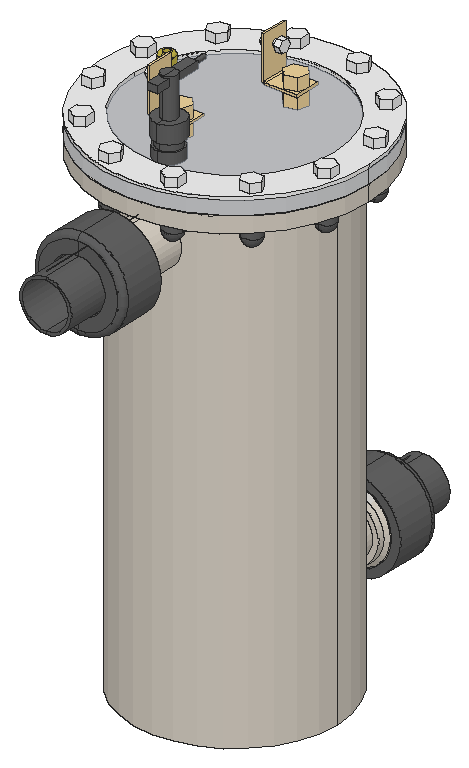
Revit family "Saltwater Chlorinator - Cell", category Mechanical Equipment, Revit 2019
Family settings
  Round Connector Dimension = Use Radius
  Part Type = Normal
  OmniClass Number = 23.65.50.11.11.27
  OmniClass Title = Chlorinators
  Work Plane-Based = No
  Always vertical = Yes
  Cut with Voids When Loaded = No
  Shared = No
  Room Calculation Point = No
Parameters (values of type "JSWC40")
  URL = "https://www.jandy.com/en/commercial/water-sanitizers/commercial-salt-system"
  Small Electrode Connector = yes
  Model = Fluidra_Model  # "JSWC40"
  Manufacturer = Fluidra_Manufacturer  # "Fluidra"
  Large Electrode Connector = no
  Fluidra_Weight = 230.00 lbf
  Fluidra_Union_Size = "2\" - 2.5\""
  Fluidra_Salt_Level = "3000-5000 ppm"
  Fluidra_Model = "JSWC40"
  Fluidra_Min_Flow_Rate = 65 GPM
  Fluidra_Max_Working_Pressure = 50.00 psi
  Fluidra_Max_Flow_Rate = 150 GPM
  Fluidra_Manufacturer = "Fluidra"  # constant formula
  Fluidra_Flow [instance] = 0 GPM
  Fluidra_Description = "Jandy Commercial Saltwater Chlorinator"  # constant formula
  Fluidra_DC_Output_(V/A) = "20V / 15A"
  Fluidra_Chlorine_Output = "3.5 lbs/day"
  Fluidra_#_Titanium_Plates = "6"
  Description = Fluidra_Description  # "Jandy Commercial Saltwater Chlorinator"
  Connector Radius [instance] = 1"
  Assembly Code = "D2090400"
Types (5): name | Small Electrode Connector | Model | Large Electrode Connector | Fluidra_Weight | Fluidra_Model | Fluidra_Min_Flow_Rate | Fluidra_DC_Output_(V/A) | Fluidra_Chlorine_Output | Fluidra_#_Titanium_Plates
  (no name) | yes | "JSWC40" | no | 230.00 lbf | "JSWC40" | 65 GPM | "20V / 15A" | "3.5 lbs/day" | "6"
  JSWC40 | yes | "JSWC40" | no | 230.00 lbf | "JSWC40" | 65 GPM | "20V / 15A" | "3.5 lbs/day" | "6"
  JSWC80 | no | "JSWC80" | yes | 280.00 lbf | "JSWC80" | 88 GPM | "20V / 30A" | "7.0 lbs/day" | "11"
  JSWC53 | yes | "JSWC53" | no | 230.00 lbf | "JSWC53" | 65 GPM | "24V / 16.7A" | "4.7 lbs/day" | "7"
  JSWC100 | no | "JSWC100" | yes | 280.00 lbf | "JSWC100" | 88 GPM | "24V / 31.3A" | "8.7 lbs/day" | "13"
Reference planes (in)
  plane 1 "Center (Front/Back)": y = 0
  plane 2: z = 0
  plane 3 "Center (Left/Right)": x = 0
  plane 4 "Left Body": x = -4.5
  plane 5 "Right Body": x = 4.5
  plane 6 "Top": z = 25.5
  plane 7 "Outlet": z = 19.375
  plane 8 "Inlet": z = 3.375
  plane 9 "Front Body": y = -4.5
  plane 10 "Rear Body": y = 4.5
  plane 11 "Front Union": y = -7.3125
  plane 12 "Rear Union": y = 7.3125
  plane 13 "Top of lid": z = 22.4029
  plane 14 "Bottom of lid": z = 20.95429
  plane 15: y = 1.40339
  plane 16: through (-3.92704, -0.64678, 20.98083) normal (0.5, -0.866, 0)
  plane 17: through (-3.07753, -2.52364, 20.98083) normal (0.866, -0.5, 0)
  plane 18: x = -1.40339
  plane 19: through (0.64678, -3.92704, 20.98083) normal (0.866, 0.5, 0)
  plane 20: through (2.52364, -3.07753, 20.98083) normal (0.5, 0.866, 0)
  plane 21: y = -1.40339
  plane 22: through (3.92704, 0.64678, 20.98083) normal (-0.5, 0.866, 0)
  plane 23: through (3.07753, 2.52364, 20.98083) normal (-0.866, 0.5, 0)
  plane 24: x = 1.40339
  plane 25: through (-0.64678, 3.92704, 20.98083) normal (-0.866, -0.5, 0)
  plane 26: through (-2.52364, 3.07753, 20.98083) normal (-0.5, -0.866, 0)
Forms (in)
  Extrusion 1, solid, material "Fluidra Beige", detail levels medium+fine
    sketch origin (0, 0, 0) x (1, 0, 0) y (0, 1, 0)
      loop
        circle (0, 0) r 4.5
    from 0 to 20.95429
  Extrusion 2, solid, material "Fluidra Beige", detail levels medium+fine
    sketch origin (0, 0, 20.95429) x (1, 0, 0) y (0, 1, 0)
      loop
        circle (0, 0) r 5.875
    from 0 to 0.68292
  Extrusion 3, solid, material "Fluidra Lid", detail levels medium+fine
    sketch origin (0, 2.50063, 21.63721) x (1, 0, 0) y (0, 1, 0)
      loop
        circle (0, -2.5) r 5.875
    from 0 to 0.61992
  Extrusion 4, solid, material "Fluidra Steel", detail levels fine
    sketch origin (0, 5.87563, 22.4029) x (0, 1, 0) y (-1, 0, 0)
      loop
        line (-1.0021, 0.9926) -> (-0.56909, 0.9926) -> (-0.35258, 1.3676) -> (-0.56909, 1.7426) -> (-1.0021, 1.7426) -> (-1.21861, 1.3676) -> (-1.0021, 0.9926)
    from 0 to 0.38882
  Extrusion 5, solid, material "Fluidra Steel", detail levels fine
    sketch origin (-2.93782, 5.08845, 22.4029) x (-0.5, 0.866025, 0) y (-0.866025, -0.5, 0)
      loop
        line (-1.0021, 0.9926) -> (-0.56909, 0.9926) -> (-0.35258, 1.3676) -> (-0.56909, 1.7426) -> (-1.0021, 1.7426) -> (-1.21861, 1.3676) -> (-1.0021, 0.9926)
    from 0 to 0.38882
  Extrusion 6, solid, material "Fluidra Steel", detail levels fine
    sketch origin (-5.08845, 2.93782, 22.4029) x (-0.866025, 0.5, 0) y (-0.5, -0.866025, 0)
      loop
        line (-1.0021, 0.9926) -> (-0.56909, 0.9926) -> (-0.35258, 1.3676) -> (-0.56909, 1.7426) -> (-1.0021, 1.7426) -> (-1.21861, 1.3676) -> (-1.0021, 0.9926)
    from 0 to 0.38882
  Extrusion 7, solid, material "Fluidra Steel", detail levels fine
    sketch origin (-5.87563, 0, 22.4029) x (-1, 0, 0) y (0, -1, 0)
      loop
        line (-1.0021, 0.9926) -> (-0.56909, 0.9926) -> (-0.35258, 1.3676) -> (-0.56909, 1.7426) -> (-1.0021, 1.7426) -> (-1.21861, 1.3676) -> (-1.0021, 0.9926)
    from 0 to 0.38882
  Extrusion 8, solid, material "Fluidra Steel", detail levels fine
    sketch origin (-5.08845, -2.93782, 22.4029) x (-0.866025, -0.5, 0) y (0.5, -0.866025, 0)
      loop
        line (-1.0021, 0.9926) -> (-0.56909, 0.9926) -> (-0.35258, 1.3676) -> (-0.56909, 1.7426) -> (-1.0021, 1.7426) -> (-1.21861, 1.3676) -> (-1.0021, 0.9926)
    from 0 to 0.38882
  Extrusion 9, solid, material "Fluidra Steel", detail levels fine
    sketch origin (-2.93782, -5.08845, 22.4029) x (-0.5, -0.866025, 0) y (0.866025, -0.5, 0)
      loop
        line (-1.0021, 0.9926) -> (-0.56909, 0.9926) -> (-0.35258, 1.3676) -> (-0.56909, 1.7426) -> (-1.0021, 1.7426) -> (-1.21861, 1.3676) -> (-1.0021, 0.9926)
    from 0 to 0.38882
  Extrusion 10, solid, material "Fluidra Steel", detail levels fine
    sketch origin (0, -5.87563, 22.4029) x (0, -1, 0) y (1, 0, 0)
      loop
        line (-1.0021, 0.9926) -> (-0.56909, 0.9926) -> (-0.35258, 1.3676) -> (-0.56909, 1.7426) -> (-1.0021, 1.7426) -> (-1.21861, 1.3676) -> (-1.0021, 0.9926)
    from 0 to 0.38882
  Extrusion 11, solid, material "Fluidra Steel", detail levels fine
    sketch origin (2.93782, -5.08845, 22.4029) x (0.5, -0.866025, 0) y (0.866025, 0.5, 0)
      loop
        line (-1.0021, 0.9926) -> (-0.56909, 0.9926) -> (-0.35258, 1.3676) -> (-0.56909, 1.7426) -> (-1.0021, 1.7426) -> (-1.21861, 1.3676) -> (-1.0021, 0.9926)
    from 0 to 0.38882
  Extrusion 12, solid, material "Fluidra Steel", detail levels fine
    sketch origin (5.08845, -2.93782, 22.4029) x (0.866025, -0.5, 0) y (0.5, 0.866025, 0)
      loop
        line (-1.0021, 0.9926) -> (-0.56909, 0.9926) -> (-0.35258, 1.3676) -> (-0.56909, 1.7426) -> (-1.0021, 1.7426) -> (-1.21861, 1.3676) -> (-1.0021, 0.9926)
    from 0 to 0.38882
  Extrusion 13, solid, material "Fluidra Steel", detail levels fine
    sketch origin (5.87563, 0, 22.4029) x (1, 0, 0) y (0, 1, 0)
      loop
        line (-1.0021, 0.9926) -> (-0.56909, 0.9926) -> (-0.35258, 1.3676) -> (-0.56909, 1.7426) -> (-1.0021, 1.7426) -> (-1.21861, 1.3676) -> (-1.0021, 0.9926)
    from 0 to 0.38882
  Extrusion 14, solid, material "Fluidra Steel", detail levels fine
    sketch origin (5.08845, 2.93782, 22.4029) x (0.866025, 0.5, 0) y (-0.5, 0.866025, 0)
      loop
        line (-1.0021, 0.9926) -> (-0.56909, 0.9926) -> (-0.35258, 1.3676) -> (-0.56909, 1.7426) -> (-1.0021, 1.7426) -> (-1.21861, 1.3676) -> (-1.0021, 0.9926)
    from 0 to 0.38882
  Extrusion 15, solid, material "Fluidra Steel", detail levels fine
    sketch origin (2.93782, 5.08845, 22.4029) x (0.5, 0.866025, 0) y (-0.866025, 0.5, 0)
      loop
        line (-1.0021, 0.9926) -> (-0.56909, 0.9926) -> (-0.35258, 1.3676) -> (-0.56909, 1.7426) -> (-1.0021, 1.7426) -> (-1.21861, 1.3676) -> (-1.0021, 0.9926)
    from 0 to 0.38882
  Revolve 16, solid, material "Fluidra Black", detail levels fine
    sketch origin (-5.08368, -180.04688, 22.79172) x (0, 0, 1) y (0, -1, 0)
      loop
        line (-1.81088, -181.40339) -> (-2.65239, -181.40339)
        arc (-2.65239, -181.40339) -> (-2.51886, -181.69705) -> (-2.21944, -181.81711) r 0.43339
        line (-2.21944, -181.81711) -> (-1.81088, -181.81711) -> (-1.81088, -181.40339)
      axis (-1.81088, -181.40339) -> (-2.65239, -181.40339)
    angle from 0 to 360
  Revolve 17, solid, material "Fluidra Black", detail levels fine
    sketch origin (85.62085, -158.46701, 22.79172) x (0, 0, 1) y (0.5, -0.866025, 0)
      loop
        line (-1.81088, -181.40339) -> (-2.65239, -181.40339)
        arc (-2.65239, -181.40339) -> (-2.51886, -181.69705) -> (-2.21944, -181.81711) r 0.43339
        line (-2.21944, -181.81711) -> (-1.81088, -181.81711) -> (-1.81088, -181.40339)
      axis (-1.81088, -181.40339) -> (-2.65239, -181.40339)
    angle from 0 to 360
  Revolve 18, solid, material "Fluidra Black", detail levels fine
    sketch origin (153.38333, -94.42603, 22.79172) x (0, 0, 1) y (0.866025, -0.5, 0)
      loop
        line (-1.81088, -181.40339) -> (-2.65239, -181.40339)
        arc (-2.65239, -181.40339) -> (-2.51886, -181.69705) -> (-2.21944, -181.81711) r 0.43339
        line (-2.21944, -181.81711) -> (-1.81088, -181.81711) -> (-1.81088, -181.40339)
      axis (-1.81088, -181.40339) -> (-2.65239, -181.40339)
    angle from 0 to 360
  Revolve 19, solid, material "Fluidra Black", detail levels fine
    sketch origin (180.04687, -5.08368, 22.79172) x (0, 0, 1) y (1, 0, 0)
      loop
        line (-1.81088, -181.40339) -> (-2.65239, -181.40339)
        arc (-2.65239, -181.40339) -> (-2.51886, -181.69705) -> (-2.21944, -181.81711) r 0.43339
        line (-2.21944, -181.81711) -> (-1.81088, -181.81711) -> (-1.81088, -181.40339)
      axis (-1.81088, -181.40339) -> (-2.65239, -181.40339)
    angle from 0 to 360
  Revolve 20, solid, material "Fluidra Black", detail levels fine
    sketch origin (158.46701, 85.62085, 22.79172) x (0, 0, 1) y (0.866025, 0.5, 0)
      loop
        line (-1.81088, -181.40339) -> (-2.65239, -181.40339)
        arc (-2.65239, -181.40339) -> (-2.51886, -181.69705) -> (-2.21944, -181.81711) r 0.43339
        line (-2.21944, -181.81711) -> (-1.81088, -181.81711) -> (-1.81088, -181.40339)
      axis (-1.81088, -181.40339) -> (-2.65239, -181.40339)
    angle from 0 to 360
  Revolve 21, solid, material "Fluidra Black", detail levels fine
    sketch origin (94.42603, 153.38333, 22.79172) x (0, 0, 1) y (0.5, 0.866025, 0)
      loop
        line (-1.81088, -181.40339) -> (-2.65239, -181.40339)
        arc (-2.65239, -181.40339) -> (-2.51886, -181.69705) -> (-2.21944, -181.81711) r 0.43339
        line (-2.21944, -181.81711) -> (-1.81088, -181.81711) -> (-1.81088, -181.40339)
      axis (-1.81088, -181.40339) -> (-2.65239, -181.40339)
    angle from 0 to 360
  Revolve 22, solid, material "Fluidra Black", detail levels fine
    sketch origin (5.08368, 180.04687, 22.79172) x (0, 0, 1) y (0, 1, 0)
      loop
        line (-1.81088, -181.40339) -> (-2.65239, -181.40339)
        arc (-2.65239, -181.40339) -> (-2.51886, -181.69705) -> (-2.21944, -181.81711) r 0.43339
        line (-2.21944, -181.81711) -> (-1.81088, -181.81711) -> (-1.81088, -181.40339)
      axis (-1.81088, -181.40339) -> (-2.65239, -181.40339)
    angle from 0 to 360
  Revolve 23, solid, material "Fluidra Black", detail levels fine
    sketch origin (-85.62085, 158.46701, 22.79172) x (0, 0, 1) y (-0.5, 0.866025, 0)
      loop
        line (-1.81088, -181.40339) -> (-2.65239, -181.40339)
        arc (-2.65239, -181.40339) -> (-2.51886, -181.69705) -> (-2.21944, -181.81711) r 0.43339
        line (-2.21944, -181.81711) -> (-1.81088, -181.81711) -> (-1.81088, -181.40339)
      axis (-1.81088, -181.40339) -> (-2.65239, -181.40339)
    angle from 0 to 360
  Revolve 24, solid, material "Fluidra Black", detail levels fine
    sketch origin (-153.38333, 94.42603, 22.79172) x (0, 0, 1) y (-0.866025, 0.5, 0)
      loop
        line (-1.81088, -181.40339) -> (-2.65239, -181.40339)
        arc (-2.65239, -181.40339) -> (-2.51886, -181.69705) -> (-2.21944, -181.81711) r 0.43339
        line (-2.21944, -181.81711) -> (-1.81088, -181.81711) -> (-1.81088, -181.40339)
      axis (-1.81088, -181.40339) -> (-2.65239, -181.40339)
    angle from 0 to 360
  Revolve 25, solid, material "Fluidra Black", detail levels fine
    sketch origin (-180.04687, 5.08368, 22.79172) x (0, 0, 1) y (-1, 0, 0)
      loop
        line (-1.81088, -181.40339) -> (-2.65239, -181.40339)
        arc (-2.65239, -181.40339) -> (-2.51886, -181.69705) -> (-2.21944, -181.81711) r 0.43339
        line (-2.21944, -181.81711) -> (-1.81088, -181.81711) -> (-1.81088, -181.40339)
      axis (-1.81088, -181.40339) -> (-2.65239, -181.40339)
    angle from 0 to 360
  Revolve 26, solid, material "Fluidra Black", detail levels fine
    sketch origin (-158.46701, -85.62085, 22.79172) x (0, 0, 1) y (-0.866025, -0.5, 0)
      loop
        line (-1.81088, -181.40339) -> (-2.65239, -181.40339)
        arc (-2.65239, -181.40339) -> (-2.51886, -181.69705) -> (-2.21944, -181.81711) r 0.43339
        line (-2.21944, -181.81711) -> (-1.81088, -181.81711) -> (-1.81088, -181.40339)
      axis (-1.81088, -181.40339) -> (-2.65239, -181.40339)
    angle from 0 to 360
  Revolve 27, solid, material "Fluidra Black", detail levels fine
    sketch origin (-94.42603, -153.38333, 22.79172) x (0, 0, 1) y (-0.5, -0.866025, 0)
      loop
        line (-1.81088, -181.40339) -> (-2.65239, -181.40339)
        arc (-2.65239, -181.40339) -> (-2.51886, -181.69705) -> (-2.21944, -181.81711) r 0.43339
        line (-2.21944, -181.81711) -> (-1.81088, -181.81711) -> (-1.81088, -181.40339)
      axis (-1.81088, -181.40339) -> (-2.65239, -181.40339)
    angle from 0 to 360
  Extrusion 28, solid, material "Fluidra Black", detail levels fine
    sketch origin (0, 0, 0) x (1, 0, 0) y (0, 0, 1)
      loop
        line (-0.21104, 25.5) -> (-0.21104, 25.17585) -> (0.21516, 25.17585) -> (0.21516, 25.5) -> (-0.21104, 25.5)
    from 2.28199 to 4.46561
  Revolve 29, solid, material "Fluidra Black", detail levels fine
    sketch origin (0, 0, 0) x (0, 1, 0) y (0, 0, 1)
      loop
        line (-3.58976, 25.55116) -> (-3.58976, 23.84382) -> (-3.25608, 23.84382) -> (-3.25608, 25.55116) -> (-3.58976, 25.55116)
      axis (-3.58976, 25.55116) -> (-3.58976, 23.84382)
    angle from 0 to 360
  Revolve 30, solid, material "Fluidra Black", detail levels fine
    sketch origin (0, 0, 0) x (0, 1, 0) y (0, 0, 1)
      loop
        line (-1.67614, 25.33792) -> (-2.28199, 25.33792) -> (-2.28199, 25.24323) -> (-1.67614, 25.24323) -> (-1.67614, 25.33792)
      axis (-1.67614, 25.33792) -> (-2.28199, 25.33792)
    angle from 0 to 360
  Revolve 31, solid, material "Fluidra Black", detail levels fine
    sketch origin (0, 0, 0) x (0, 1, 0) y (0, 0, 1)
      loop
        line (-3.58976, 23.84382) -> (-3.58976, 22.25713) -> (-2.97544, 22.25713) -> (-2.97544, 22.74485) -> (-3.08162, 22.74485) -> (-3.08162, 23.09382) -> (-2.92766, 23.09382) -> (-2.92766, 23.84382) -> (-3.58976, 23.84382)
      axis (-3.58976, 23.84382) -> (-3.58976, 22.25713)
    angle from 0 to 360
  Extrusion 32, solid, material "Fluidra Brass", detail levels fine
    sketch origin (-1.60937, -2.10497, 24.875) x (0, 0, 1) y (1, 0, 0)
      loop
        line (-1.89269, 1.47862) -> (-1.97893, 1.47862) -> (-1.97893, 0.08612)
        arc (-1.97893, 0.08612) -> (-1.93625, -0.01692) -> (-1.83321, -0.0596) r 0.14572
        line (-1.83321, -0.0596) -> (-0.0063, -0.0596) -> (-0.0063, 0.04066) -> (-1.84808, 0.04066)
        arc (-1.84808, 0.04066) -> (-1.87962, 0.05373) -> (-1.89269, 0.08527) r 0.04461
        line (-1.89269, 0.08527) -> (-1.89269, 1.47862)
    from -0.57732 to 0.57732
  Extrusion 33, solid, material "Fluidra Brass", detail levels fine
    sketch origin (-1.6875, -5.8435, 22.4029) x (0, -1, 0) y (1, 0, 0)
      loop
        line (-4.08545, 0.60948) -> (-3.60249, 0.48007) -> (-3.24893, 0.83362) -> (-3.37834, 1.31658) -> (-3.86131, 1.44599) -> (-4.21486, 1.09244) -> (-4.08545, 0.60948)
    from -0.14577 to 1.0967
  Extrusion 34, solid, material "Fluidra Steel", detail levels fine
    sketch origin (-1.6906, -1.22007, 48) x (0, 1, 0) y (0, 0, 1)
      loop
        circle (-0.8849, -23.71805) r 0.15131
    from -0.12324 to 0.22209
  Extrusion 35, solid, material "Fluidra Steel", detail levels fine
    sketch origin (-1.6906, -1.22007, 48) x (0, 1, 0) y (0, 0, 1)
      loop
        line (-0.60134, -23.75518) -> (-0.72163, -23.4972) -> (-1.00519, -23.4724) -> (-1.16845, -23.70556) -> (-1.04816, -23.96353) -> (-0.7646, -23.98834) -> (-0.60134, -23.75518)
    from 0.22209 to 0.47821
  Extrusion 36, solid, material "Fluidra Steel", detail levels fine
    sketch origin (-1.6906, -1.22007, 48) x (0, 1, 0) y (0, 0, 1)
      loop
        line (-0.60134, -23.76142) -> (-0.72163, -23.50345) -> (-1.00519, -23.47864) -> (-1.16845, -23.71181) -> (-1.04816, -23.96978) -> (-0.7646, -23.99459) -> (-0.60134, -23.76142)
    from -0.35213 to -0.12324
  Extrusion 37, solid, material "Fluidra Brass", visible <- "Small Electrode Connector", detail levels fine
    sketch origin (-0.28125, 2.04334, 22.8125) x (0, 0, 1) y (-1, 0, 0)
      loop
        line (0.17446, -1.83789) -> (0.17446, -0.44454)
        arc (0.17446, -0.44454) -> (0.18752, -0.41299) -> (0.21906, -0.39993) r 0.04461
        line (0.21906, -0.39993) -> (2.06084, -0.39993) -> (2.06084, -0.29966) -> (0.23394, -0.29966)
        arc (0.23394, -0.29966) -> (0.1309, -0.34235) -> (0.08822, -0.44539) r 0.14572
        line (0.08822, -0.44539) -> (0.08822, -1.83789) -> (0.17446, -1.83789)
    from -0.57732 to 0.57732
  Extrusion 38, solid, material "Fluidra Brass", visible <- "Small Electrode Connector", detail levels fine
    sketch origin (0.07802, -1.68813, 22.40754) x (0, -1, 0) y (1, 0, 0)
      loop
        line (-4.08545, 0.60948) -> (-3.60249, 0.48007) -> (-3.24893, 0.83362) -> (-3.37834, 1.31658) -> (-3.86131, 1.44599) -> (-4.21486, 1.09244) -> (-4.08545, 0.60948)
    from -0.15041 to 1.0967
  Extrusion 39, solid, material "Fluidra Steel", visible <- "Small Electrode Connector", detail levels fine
    sketch origin (0.0742, 180, 24.875) x (0, 0, -1) y (0, 1, 0)
      loop
        circle (0.55715, -177.94959) r 0.15131
    from -0.17195 to 0.21201
  Extrusion 40, solid, material "Fluidra Steel", visible <- "Small Electrode Connector", detail levels fine
    sketch origin (0.0742, 180, 24.875) x (0, 0, -1) y (0, 1, 0)
      loop
        line (0.59428, -177.66604) -> (0.33631, -177.78633) -> (0.3115, -178.06989) -> (0.54467, -178.23315) -> (0.80264, -178.11286) -> (0.82745, -177.8293) -> (0.59428, -177.66604)
    from -0.39845 to -0.17195
  Extrusion 41, solid, material "Fluidra Steel", visible <- "Small Electrode Connector", detail levels fine
    sketch origin (0.0742, 180, 24.875) x (0, 0, -1) y (0, 1, 0)
      loop
        line (0.60053, -177.66604) -> (0.34256, -177.78633) -> (0.31775, -178.06989) -> (0.55091, -178.23315) -> (0.80888, -178.11286) -> (0.83369, -177.8293) -> (0.60053, -177.66604)
    from 0.21201 to 0.48389
  Extrusion 42, solid, material "Fluidra Steel", detail levels medium+fine
    sketch origin (0, 5.87563, 22.4029) x (0, 1, 0) y (-1, 0, 0)
      loop
        circle (-5.87563, 0) r 5.875
      loop
        circle (-5.87563, 0) r 4.40577
    from -0.14577 to 0
  Revolve 43, solid, material "Fluidra Steel", detail levels fine
    sketch origin (-2.96454, -180, 24.07788) x (0, 0, 1) y (0, -1, 0)
      loop
        line (-1.20995, -180.20991) -> (-1.20995, -180.147) -> (-1.67498, -180.147) -> (-1.67498, -180.31888) -> (-1.51431, -180.31888) -> (-1.51431, -180.20991) -> (-1.20995, -180.20991)
      axis (-1.20995, -180) -> (-1.67498, -180)
    angle from 0 to 360
  Revolve 44, solid, material "Fluidra Beige", detail levels medium+fine
    sketch origin (0, 0, 0) x (0, 1, 0) y (0, 0, 1)
      loop
        line (-3.8151, 20.375) -> (-3.8151, 20.4964) -> (-6.10447, 20.4964) -> (-6.10447, 20.77751) -> (-6.38572, 20.77751) -> (-6.5625, 20.95429) -> (-7.3125, 20.95429) -> (-7.3125, 20.375) -> (-3.8151, 20.375)
      axis (-3.8151, 19.375) -> (-7.3125, 19.375)
    angle from 0 to 360
  Revolve 45, solid, material "Fluidra Beige", detail levels medium+fine
    sketch origin (0, 0, -16) x (0, -1, 0) y (0, 0, -1)
      loop
        line (-3.8151, -20.375) -> (-7.3125, -20.375) -> (-7.3125, -20.95429) -> (-6.5625, -20.95429) -> (-6.38572, -20.77751) -> (-6.10447, -20.77751) -> (-6.10447, -20.4964) -> (-3.8151, -20.4964) -> (-3.8151, -20.375)
      axis (-3.8151, -19.375) -> (-7.3125, -19.375)
    angle from 0 to 360
  Extrusion 46, solid, material "Fluidra Brass", visible <- "Large Electrode Connector", detail levels fine
    sketch origin (-2.28125, 2.04334, 22.8125) x (0, 0, 1) y (-1, 0, 0)
      loop
        line (0.17446, -4.45738) -> (0.17446, -0.44454)
        arc (0.17446, -0.44454) -> (0.18752, -0.41299) -> (0.21906, -0.39993) r 0.04461
        line (0.21906, -0.39993) -> (2.06084, -0.39993) -> (2.06084, -0.29966) -> (0.23394, -0.29966)
        arc (0.23394, -0.29966) -> (0.1309, -0.34235) -> (0.08822, -0.44539) r 0.14572
        line (0.08822, -0.44539) -> (0.08822, -4.45738) -> (0.17446, -4.45738)
    from -0.57732 to 0.57732
  Extrusion 47, solid, material "Fluidra Brass", visible <- "Large Electrode Connector", detail levels fine
    sketch origin (-1.92198, -1.68813, 22.40754) x (0, -1, 0) y (1, 0, 0)
      loop
        line (-4.08545, 0.60948) -> (-3.60249, 0.48007) -> (-3.24893, 0.83362) -> (-3.37834, 1.31658) -> (-3.86131, 1.44599) -> (-4.21486, 1.09244) -> (-4.08545, 0.60948)
    from -0.15041 to 1.0967
  Extrusion 48, solid, material "Fluidra Steel", visible <- "Large Electrode Connector", detail levels fine
    sketch origin (-1.9258, 180, 24.875) x (0, 0, -1) y (0, 1, 0)
      loop
        circle (0.55715, -177.94959) r 0.15131
    from -0.17195 to 0.21201
  Extrusion 49, solid, material "Fluidra Steel", visible <- "Large Electrode Connector", detail levels fine
    sketch origin (-1.9258, 180, 24.875) x (0, 0, -1) y (0, 1, 0)
      loop
        line (0.59428, -177.66604) -> (0.33631, -177.78633) -> (0.3115, -178.06989) -> (0.54467, -178.23315) -> (0.80264, -178.11286) -> (0.82745, -177.8293) -> (0.59428, -177.66604)
    from -0.39845 to -0.17195
  Extrusion 50, solid, material "Fluidra Steel", visible <- "Large Electrode Connector", detail levels fine
    sketch origin (-1.9258, 180, 24.875) x (0, 0, -1) y (0, 1, 0)
      loop
        line (0.60053, -177.66604) -> (0.34256, -177.78633) -> (0.31775, -178.06989) -> (0.55091, -178.23315) -> (0.80888, -178.11286) -> (0.83369, -177.8293) -> (0.60053, -177.66604)
    from 0.21201 to 0.48389
  Extrusion 51, solid, material "Fluidra Brass", visible <- "Large Electrode Connector", detail levels fine
    sketch origin (0.64234, -1.68813, 22.40754) x (0, -1, 0) y (1, 0, 0)
      loop
        line (-4.08545, 0.60948) -> (-3.60249, 0.48007) -> (-3.24893, 0.83362) -> (-3.37834, 1.31658) -> (-3.86131, 1.44599) -> (-4.21486, 1.09244) -> (-4.08545, 0.60948)
    from -0.15041 to 1.0967
  Revolve 52, solid, material "Fluidra Yellow", detail levels fine
    sketch origin (-2.96454, -180, 24.07788) x (0, 0, 1) y (0, -1, 0)
      loop
        line (-0.30765, -180.147) -> (-1.20995, -180.147) -> (-1.20995, -180.35608)
        arc (-1.20995, -180.35608) -> (-1.19431, -180.34079) -> (-1.17405, -180.33255) r 0.05671
        line (-1.17405, -180.33255) -> (-0.44454, -180.33255)
        arc (-0.44454, -180.33255) -> (-0.34775, -180.29246) -> (-0.30765, -180.19566) r 0.13689
        line (-0.30765, -180.19566) -> (-0.30765, -180.147)
      axis (-0.30765, -180) -> (-1.20995, -180)
    angle from 0 to 360
  Extrusion 53, solid, material "Fluidra Beige", detail levels coarse
    sketch origin (0, 0, 0) x (1, 0, 0) y (0, 1, 0)
      loop
        circle (0, 0) r 5.87459
    from 0 to 22.4029
  Extrusion 54, solid, material "Fluidra Beige", detail levels coarse
    sketch origin (0, -7.3125, 24.875) x (0, 0, 1) y (-1, 0, 0)
      loop
        circle (-5.5, 0) r 1
    from 0 to -3.49878
  Extrusion 55, solid, material "Fluidra Beige", detail levels coarse
    sketch origin (0, 7.3125, 0) x (0, 0, -1) y (-1, 0, 0)
      loop
        circle (-3.375, 0) r 1
    from 0 to -3.49239
Dimensions and locks (in)
  plane 6 "Top" to level = 25 1/2"
  plane 8 "Inlet" to level = 3 3/8"
  plane 7 "Outlet" to plane 8 "Inlet" = 16"
  aligned and locked: level to plane 2
Nested families (in)
  nested 1: "Union O-Ring" at (0, -7.3125, 19.375), type "Union O-Ring", detail levels fine
  nested 2: "Union Tailpiece" at (0, -7.3125, 19.375), type "Union Tailpiece", detail levels fine
  nested 3: "Union Nut" at (0, -7.3125, 19.375), type "Union Nut", detail levels fine
  nested 4: "Union O-Ring" at (0, 7.3125, 3.375), type "Union O-Ring", detail levels fine
  nested 5: "Union Tailpiece" at (0, 7.3125, 3.375), type "Union Tailpiece", detail levels fine
  nested 6: "Union Nut" at (0, 7.3125, 3.375), type "Union Nut", detail levels fine
Connectors (in)
  piping at (0, -7.3125, 19.375), diameter 2, driven by "Connector Radius", driven by "Fluidra_Flow"
    settings: on Revolve 44, index 1, connector inside diameter 24", connector length 0", flow factor 0, pipe flow 0 GPM, pressure drop 0.00 psi, fitting loss kfactor 0, connector angle 0.00°, fixture units 0, engagement length 0", angle of deflection 0.00°, flow configuration 1, flow direction 2, fitting loss method 0, system type 7, joint type 0, gender type 0, connector reference index 2, connector utility 0, adjustable connector no, is connector primary no, connector description "Outlet"
  piping at (0, 7.3125, 3.375), diameter 2, driven by "Connector Radius", driven by "Fluidra_Flow"
    settings: on Revolve 45, index 2, connector inside diameter 24", connector length 0", flow factor 0, pipe flow 0 GPM, pressure drop 0.00 psi, fitting loss kfactor 0, connector angle 0.00°, fixture units 0, engagement length 0", angle of deflection 0.00°, flow configuration 1, flow direction 1, fitting loss method 0, system type 7, joint type 0, gender type 0, connector reference index 1, connector utility 0, adjustable connector no, is connector primary yes, connector description "Inlet"
Definition of nested family "Union O-Ring"
  Parameters (values of type "Union O-Ring")
    Material = none
  Reference planes (in)
    plane 1 "Center (Front/Back)": y = 0
    plane 2: z = 0
    plane 3 "Center (Left/Right)": x = 0
    plane 4: x = 0.02218
  Forms (in)
    Revolve 1, solid, not visible
      sketch origin (0.02218, 7.3125, 0) x (0, 1, 0) y (0, 0, 1)
        loop
          line (-3.8151, 1) -> (-3.8151, 1.1214) -> (-6.10447, 1.1214) -> (-6.10447, 1.40251) -> (-6.38572, 1.40251) -> (-6.5625, 1.57929) -> (-7.3125, 1.57929) -> (-7.3125, 1) -> (-3.8151, 1)
        axis (-3.8151, 0) -> (-7.3125, 0)
      angle from 0 to 360
    Sweep 2, solid, material <- "Material"
      path origin (0, 0, 0) x (1, 0, 0) y (0, 0, 1)
        loop
          circle (0, 0) r 1.37562
      profile origin (0, 0, 1.37562) x (0, 0, -1) y (0, -1, 0)
        loop
          circle (0, 0.0625) r 0.0625
  Dimensions and locks (in)
    aligned and locked: plane 2 to level
Definition of nested family "Union Tailpiece"
  Parameters (values of type "Union Tailpiece")
    Material = none
  Reference planes (in)
    plane 1 "Center (Front/Back)": y = 0
    plane 2: z = 0
    plane 3 "Center (Left/Right)": x = 0
    plane 4: x = 0.02218
  Forms (in)
    Revolve 1, solid, material <- "Material"
      sketch origin (0, 0, 0) x (0, 1, 0) y (0, 0, 1)
        loop
          line (0, 1.57929) -> (-0.90017, 1.57929) -> (-0.90017, 1.1214) -> (-3.02517, 1.1214) -> (-3.02517, 1) -> (0, 1) -> (0, 1.305) -> (-0.13259, 1.305) -> (-0.13259, 1.44669) -> (0, 1.44669) -> (0, 1.57929)
        axis (0, 0) -> (-3.02517, 0)
      angle from 0 to 360
    Revolve 2, solid, not visible
      sketch origin (0.02218, 7.3125, 0) x (0, 1, 0) y (0, 0, 1)
        loop
          line (-3.8151, 1) -> (-3.8151, 1.1214) -> (-6.10447, 1.1214) -> (-6.10447, 1.40251) -> (-6.38572, 1.40251) -> (-6.5625, 1.57929) -> (-7.3125, 1.57929) -> (-7.3125, 1) -> (-3.8151, 1)
        axis (-3.8151, 0) -> (-7.3125, 0)
      angle from 0 to 360
  Dimensions and locks (in)
    aligned and locked: plane 2 to level
Definition of nested family "Union Nut"
  Parameters (values of type "Union Nut")
    Material = none
  Reference planes (in)
    plane 1 "Center (Front/Back)": y = 0
    plane 2: z = 0
    plane 3 "Center (Left/Right)": x = 0
    plane 4: x = 0.02218
  Forms (in)
    Revolve 1, solid, not visible
      sketch origin (0.02218, 7.3125, 0) x (0, 1, 0) y (0, 0, 1)
        loop
          line (-3.8151, 1) -> (-3.8151, 1.1214) -> (-6.10447, 1.1214) -> (-6.10447, 1.40251) -> (-6.38572, 1.40251) -> (-6.5625, 1.57929) -> (-7.3125, 1.57929) -> (-7.3125, 1) -> (-3.8151, 1)
        axis (-3.8151, 0) -> (-7.3125, 0)
      angle from 0 to 360
    Revolve 2, solid, material <- "Material"
      sketch origin (0, 0, 0) x (0, 1, 0) y (0, 0, 1)
        loop
          line (0.75, 2) -> (-1, 2)
          arc (-1, 2) -> (-1.17678, 1.92678) -> (-1.25, 1.75) r 0.25
          line (-1.25, 1.75) -> (-1.25, 1.1875) -> (-1, 1.1875) -> (-1, 1.62789) -> (0.75, 1.62789) -> (0.75, 2)
        axis (0.75, 0) -> (-1.25, 0)
      angle from 0 to 360
  Dimensions and locks (in)
    aligned and locked: plane 2 to level
